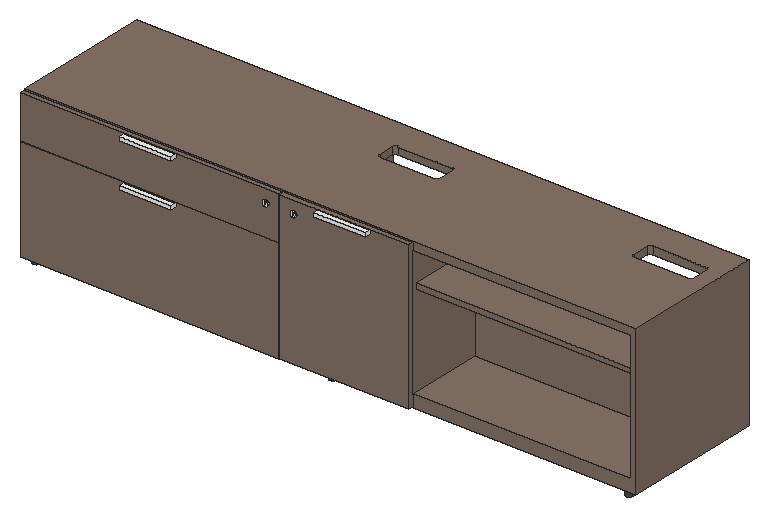
Revit family "Storage-Multi_Level_Workstations-Teknion-BSMCHP_Mid_Height_Credenza_Open_Combo-R2018", category Furniture, Revit 2018
Family settings
  OmniClass Number = 23.40.20.00
  OmniClass Title = General Furniture and Specialties
  Work Plane-Based = No
  Always vertical = Yes
  Cut with Voids When Loaded = No
  Shared = Yes
  Room Calculation Point = No
Parameters (values of type "20" Depth, 46" Height-Adjustable Worksurface Depth")
  Worksurface Configuration options [instance] = "Select one of the options below"  # constant formula
  Width [instance] = 84.000"
  Warranty = "http://www.teknion.com/ca/papers/legal-canada"
  Unit Weight URL = "http://www.teknion.com/ca/tools/assets#&asset=bee6a381-b954-425e-8283-5a2de3a804f2,f828d448-4b62-4231-9e5f-9a8991c0ed77"
  URL = "www.teknion.com"
  Top hole to Edge = 1.955"
  Top hole to Top hole = 34.827"
  To render please download texture images found here [instance] = "https://assets.teknion.com/web/5e81352c1dfdb467/revit-material-swatches/"
  Sustainability Data = "https://www.teknion.com/ca/tools/assets#&topic=216f99a5-57a0-44fc-b10a-9dee9b29ae4c&asset=444deb64-fe58-4b68-981e-f75e97781df7,b4ff2d81-9f2e-437d-9659-7cffb09c31cf"
  Storage Door [instance] = yes
  Series = "Expansion Casegoods"  # constant formula
  Right Worksurface Configuration [instance] = not(Left Worksurface Configuration)  # yes
  Right Shelf Cutout [instance] = if(Right Worksurface Configuration, 1.618", 25.000")  # 1.618"
  Right Hole Cutout [instance] = if(Right Worksurface Configuration, 3.000", 1.000")  # 3.000"
  Right Connection Node [instance] = and(Connection node Visibility, Right Worksurface Configuration)  # yes
  Recyling/Waste Bins Door [instance] = not(Storage Door)  # no
  Pull Finish [instance] = Paint - Teknion - Mica - Very White
  Product Page URL = "https://www.teknion.com/ca/products/product-details?productlineid=0053336e-8e7a-673b-a6c8-ff00004460c4"
  Product Line = "Expansion Casegoods"  # constant formula
  Product Documentation Link = "https://www.teknion.com/pricing/expansion-casegoods/pdfs/BSMCHP_ppg.pdf"
  Part Number = "BSMCHP"  # constant formula
  Model = "BSMCHP20_2146_"
  Mid Point for Connection node [instance] = Top hole to Edge + ((Top hole to Top hole + 8.268") / 2)  # 23.5025"
  Manufacturer Phone = "416-661-3370"  # constant formula
  Manufacturer Fax = "416.661.4586"  # constant formula
  Manufacturer Contact Information = "http://www.teknion.com/ca/contactus"
  Manufacturer Address = "1150 Flint Road, Toronto, ON. M3J 2J5. Canada"  # constant formula
  Manufacturer = "Teknion"  # constant formula
  Left Worksurface Configuration [instance] = no
  Left Shelf Cutout [instance] = if(Left Worksurface Configuration, 1.618", 25.000")  # 25.000"
  Left Hole Cutout [instance] = if(Left Worksurface Configuration, 3.000", 1.000")  # 1.000"
  Left Door Offset [instance] = if(Right Worksurface Configuration, Door Offset, Actual Width - Door Offset - 17.571")  # 35.529"
  Left Connection Node [instance] = and(Connection node Visibility, Left Worksurface Configuration)  # no
  Door Offset [instance] = if(or(and([Height-Adjustable Worksurface Depth] = 22.886", Actual Width = 71.640"), and([Height-Adjustable Worksurface Depth] = 31.343", Actual Width = 71.640"), and([Height-Adjustable Worksurface Depth] = 34.827", Actual Width = 65.670")), 17.689", if(or(and([Height-Adjustable Worksurface Depth] = 22.886", Actual Width = 77.610"), and([Height-Adjustable Worksurface Depth] = 31.343", Actual Width = 77.610"), and([Height-Adjustable Worksurface Depth] = 34.827", Actual Width = 71.640")), 23.589", if(or(and([Height-Adjustable Worksurface Depth] = 22.886", Actual Width = 83.580"), and([Height-Adjustable Worksurface Depth] = 31.343", Actual Width = 83.580"), and([Height-Adjustable Worksurface Depth] = 34.827", Actual Width = 77.610")), 29.559", 35.529")))  # 35.529"
  How To Use Teknion Materials User Guide [instance] = "https://assets.teknion.com/m/205dd0a49fa58060/original/How-to-add-a-Material-Library-and-Texture-Images-to-your-Revit-project.pdf"
  Height-Adjustable Worksurface Depth = 34.827"
  For Additional Finishes please visit [instance] = "https://assets.teknion.com/m/44a8009b046e5d47/original/Teknion_Materials_Library.zip"
  Drawer Front Finish [instance] = Source Laminate - Teknion - XQ - Walnut Cathedralgrain
  Door Configuration options [instance] = "Select one of the options below"  # constant formula
  Description = "Mid-Height Credenza for Height-Adjustable Peninsula - Open Combo, 20\" Depth, 21\" Height, 46\" Height-Adjustable Worksurface Depth"
  Depth = 20.000"
  Connection node Visibility [instance] = yes
  Center Right Shelf Cutout [instance] = if(and(Right Worksurface Configuration, not([Height-Adjustable Worksurface Depth] = 22.886")), 1.618", 25.000")  # 1.618"
  Center Right 2d [instance] = and(Right Worksurface Configuration, not([Height-Adjustable Worksurface Depth] = 22.886"))  # yes
  Center Left Shelf Cutout [instance] = if(and(Left Worksurface Configuration, not([Height-Adjustable Worksurface Depth] = 22.886")), 1.618", 25.000")  # 25.000"
  Center Left 2d [instance] = and(Left Worksurface Configuration, not([Height-Adjustable Worksurface Depth] = 22.886"))  # no
  Case Finish [instance] = Source Laminate - Teknion - XQ - Walnut Cathedralgrain
  Available Widths [instance] = if([Height-Adjustable Worksurface Depth] = 34.827", "66, 72, 78, and 84 Inches", "72, 78, and 84 Inches")  # "66, 72, 78, and 84 Inches"
  Assembly Code = "E2020200"
  Actual Width [instance] = if(or(Width < 66.000", Width = 66.000"), 65.670", if(Width = 72.000", 71.640", if(Width = 78.000", 77.610", 83.580")))  # 83.580"
Types (7): name | Top hole to Edge | Top hole to Top hole | Right Worksurface Configuration | Right Shelf Cutout | Right Hole Cutout | Right Connection Node | Model | Mid Point for Connection node | Left Worksurface Configuration | Left Shelf Cutout | Left Hole Cutout | Left Door Offset | Left Connection Node | Door Offset | Height-Adjustable Worksurface Depth | Description | Depth | Center Right Shelf Cutout | Center Right 2d | Center Left Shelf Cutout | Center Left 2d | Available Widths
  (no name) | 1.955" | 34.827" | yes | 1.618" | 3.000" | yes | "BSMCHP20_2146_" | 23.5025" | no | 25.000" | 1.000" | 35.529" | no | 35.529" | 34.827" | "Mid-Height Credenza for Height-Adjustable Peninsula - Open Combo, 20\" Depth, 21\" Height, 46\" Height-Adjustable Worksurface Depth" | 20.000" | 1.618" | yes | 25.000" | no | "66, 72, 78, and 84 Inches"
  20" Depth, 35" Height-Adjustable Worksurface Depth | 2.333" | 22.886" | yes | 1.618" | 3.000" | yes | "BSMCHP20_2135_" | 17.910" | no | 25.000" | 1.000" | 29.559" | no | 29.559" | 22.886" | "Mid-Height Credenza for Height-Adjustable Peninsula - Open Combo, 20\" Depth, 21\" Height, 35\" Height-Adjustable Worksurface Depth" | 20.000" | 25.000" | no | 25.000" | no | "72, 78, and 84 Inches"
  20" Depth, 46" Height-Adjustable Worksurface Depth | 1.955" | 34.827" | yes | 1.618" | 3.000" | yes | "BSMCHP20_2146_" | 23.5025" | no | 25.000" | 1.000" | 35.529" | no | 35.529" | 34.827" | "Mid-Height Credenza for Height-Adjustable Peninsula - Open Combo, 20\" Depth, 21\" Height, 46\" Height-Adjustable Worksurface Depth" | 20.000" | 1.618" | yes | 25.000" | no | "66, 72, 78, and 84 Inches"
  20" Depth, 52" Height-Adjustable Worksurface Depth | 7.059" | 31.343" | no | 25.000" | 1.000" | no | "BSMCHP20_2152_" | 26.8645" | yes | 1.618" | 3.000" | 36.450" | yes | 29.559" | 31.343" | "Mid-Height Credenza for Height-Adjustable Peninsula - Open Combo, 20\" Depth, 21\" Height, 52\" Height-Adjustable Worksurface Depth" | 20.000" | 25.000" | no | 1.618" | yes | "72, 78, and 84 Inches"
  24" Depth, 35" Height-Adjustable Worksurface Depth | 2.333" | 22.886" | yes | 1.618" | 3.000" | yes | "BSMCHP24_2135_" | 17.910" | no | 25.000" | 1.000" | 29.559" | no | 29.559" | 22.886" | "Mid-Height Credenza for Height-Adjustable Peninsula - Open Combo, 24\" Depth, 21\" Height, 35\" Height-Adjustable Worksurface Depth" | 24.000" | 25.000" | no | 25.000" | no | "72, 78, and 84 Inches"
  24" Depth, 46" Height-Adjustable Worksurface Depth | 1.955" | 34.827" | yes | 1.618" | 3.000" | yes | "BSMCHP24_2146_" | 23.5025" | no | 25.000" | 1.000" | 35.529" | no | 35.529" | 34.827" | "Mid-Height Credenza for Height-Adjustable Peninsula - Open Combo, 24\" Depth, 21\" Height, 46\" Height-Adjustable Worksurface Depth" | 24.000" | 1.618" | yes | 25.000" | no | "66, 72, 78, and 84 Inches"
  24" Depth, 52" Height-Adjustable Worksurface Depth | 7.059" | 31.343" | yes | 1.618" | 3.000" | yes | "BSMCHP24_2152_" | 26.8645" | no | 25.000" | 1.000" | 29.559" | no | 29.559" | 31.343" | "Mid-Height Credenza for Height-Adjustable Peninsula - Open Combo, 24\" Depth, 21\" Height, 52\" Height-Adjustable Worksurface Depth" | 24.000" | 1.618" | yes | 25.000" | no | "72, 78, and 84 Inches"
Reference planes (in)
  plane 1 "Center Front/Back": y = 0
  plane 2: z = 0
  plane 3 "Center Left/Right": x = 0
  plane 4 "Left": x = -41.79
  plane 5 "Right": x = 41.79
  plane 6 "Back": y = 10
  plane 7 "Front": y = -10
  plane 8 "Top": z = 63
  plane 9: x = -6.261
  plane 10: x = 11.30987
  plane 11: x = 11.42831
  plane 12: x = -6.37945
  plane 13: x = 2.52443
  plane 14: x = -24.08472
  plane 15: x = 26.60916
  plane 16: x = 18.2875
  plane 17: x = -18.2875
Forms (in)
  Sweep 1, solid, material "Source Laminate - Teknion - XQ - Walnut Cathedralgrain" <- "Case Finish"
    path origin (0, 0, 0) x (1, 0, 0) y (0, 1, 0)
      loop
        line (-41.79, 0) -> (41.79, 0)
    profile origin (0, 0, 0) x (0, 1, 0) y (0, 0, 1)
      loop
        line (10, 21) -> (-9.29921, 21) -> (-9.29921, 0.60236) -> (10, 0.60236) -> (10, 21)
  Sweep 2, void
    path origin (0, 0, 0) x (1, 0, 0) y (0, 1, 0)
      loop
        line (-41.08921, 0) -> (41.08921, 0)
    profile origin (0, 0, 0) x (0, 1, 0) y (0, 0, 1)
      loop
        line (10, 19.98425) -> (8.98465, 19.98425) -> (8.98465, 9) -> (10, 9) -> (10, 19.98425)
  Sweep 3, solid, material "Source Laminate - Teknion - XQ - Walnut Cathedralgrain" <- "Drawer Front Finish"
    path origin (0, 0, 0) x (1, 0, 0) y (0, 1, 0)
      loop
        line (-41.79, 0) -> (41.79, 0)
    profile origin (0, 0, 0) x (0, 1, 0) y (0, 0, 1)
      loop
        line (-9.29921, 20.88189) -> (-10, 20.88189) -> (-10, 0.72047) -> (-9.29921, 0.72047) -> (-9.29921, 20.88189)
  Sweep 4, void
    path origin (0, 0, 0) x (1, 0, 0) y (0, 1, 0)
      loop
        line (0, -11.29921) -> (0, -12.29921)
    profile origin (0, -11.79921, 0) x (1, 0, 0) y (0, 0, 1)
      loop
        line (-6.261, 21) -> (-41.79, 21) -> (-41.79, 0) -> (-6.261, 0) -> (-6.261, 21)
      loop
        line (11.30987, 21) -> (11.30987, 0) -> (11.42831, 0) -> (11.42831, 14.84252) -> (41.79, 14.84252) -> (41.79, 14.96063) -> (11.42831, 14.96063) -> (11.42831, 21) -> (11.30987, 21)
  Sweep 5, void
    path origin (0, 0, 0) x (1, 0, 0) y (0, 1, 0)
      loop
        line (0, -9.29921) -> (0, -12.29921)
    profile origin (0, -10.79921, 0) x (1, 0, 0) y (0, 0, 1)
      loop
        line (11.30987, 21) -> (11.30987, 0) -> (41.79, 0) -> (41.79, 21) -> (11.30987, 21)
      loop
        line (-6.261, 21) -> (-6.37945, 21) -> (-6.37945, 14.96063) -> (-41.79, 14.96063) -> (-41.79, 14.84252) -> (-6.37945, 14.84252) -> (-6.37945, 0) -> (-6.261, 0) -> (-6.261, 21)
  Sweep 6, void
    path origin (0, 0, 0) x (1, 0, 0) y (0, 1, 0)
      loop
        line (11.30987, 0) -> (41.08921, 0)
    profile origin (26.19954, 0, 0) x (0, 1, 0) y (0, 0, 1)
      loop
        line (8.98465, 19.98414) -> (1.97638, 19.98414) -> (1.97638, 1.618) -> (8.98465, 1.618) -> (8.98465, 19.98414)
      loop
        line (1.27559, 19.98414) -> (-9.29921, 19.98414) -> (-9.29921, 2.31879) -> (1.27559, 2.31879) -> (1.27559, 14.96052) -> (-8.82677, 14.96052) -> (-8.82677, 15.66131) -> (1.27559, 15.66131) -> (1.27559, 19.98414)
  Sweep 7, void
    path origin (0, 0, 0) x (1, 0, 0) y (0, 1, 0)
      loop
        line (-41.08921, 0) -> (-6.261, 0)
    profile origin (-23.67511, 0, 0) x (0, 1, 0) y (0, 0, 1)
      loop
        line (8.98465, 43.36614) -> (1.97638, 43.36614) -> (1.97638, 25) -> (8.98465, 25) -> (8.98465, 43.36614)
      loop
        line (1.27559, 43.36614) -> (-9.29921, 43.36614) -> (-9.29921, 25.70079) -> (1.27559, 25.70079) -> (1.27559, 38.34252) -> (-8.82677, 38.34252) -> (-8.82677, 39.04331) -> (1.27559, 39.04331) -> (1.27559, 43.36614)
  Sweep 8, void
    path origin (0, 0, 0) x (1, 0, 0) y (0, 1, 0)
      loop
        line (-5.97, 0) -> (10.60874, 0)
    profile origin (2.31937, 0, 0) x (0, 1, 0) y (0, 0, 1)
      loop
        line (8.98465, 1.618) -> (8.98465, 19.98414) -> (1.97638, 19.98414) -> (1.97638, 1.618) -> (8.98465, 1.618)
  Sweep 9, void
    path origin (0, 0, 0) x (1, 0, 0) y (0, 1, 0)
      loop
        line (-5.56, 0) -> (11.01874, 0)
    profile origin (2.72937, 0, 0) x (0, 1, 0) y (0, 0, 1)
      loop
        line (8.98465, 25) -> (8.98465, 43.36614) -> (1.97638, 43.36614) -> (1.97638, 25) -> (8.98465, 25)
  Sweep 10, void
    path origin (0, 0, 0) x (1, 0, 0) y (0, 0, 1)
      loop
        line (0, 19.98425) -> (0, 22.98425)
    profile origin (0, 0, 21.48425) x (-1, 0, 0) y (0, -1, 0)
      loop
        arc (-32.01413, -5.88583) -> (-31.69816, -5.75495) -> (-31.56728, -5.43898) r 0.44685
        line (-31.56728, -5.43898) -> (-31.56728, -3.22244)
        arc (-31.56728, -3.22244) -> (-31.69816, -2.90647) -> (-32.01413, -2.77559) r 0.44685
        line (-32.01413, -2.77559) -> (-39.38815, -2.77559)
        arc (-39.38815, -2.77559) -> (-39.70412, -2.90647) -> (-39.835, -3.22244) r 0.44685
        line (-39.835, -3.22244) -> (-39.835, -5.43898)
        arc (-39.835, -5.43898) -> (-39.70412, -5.75495) -> (-39.38815, -5.88583) r 0.44685
        line (-39.38815, -5.88583) -> (-32.01413, -5.88583)
      loop
        arc (2.81287, -5.88583) -> (3.12884, -5.75495) -> (3.25972, -5.43898) r 0.44685
        line (3.25972, -5.43898) -> (3.25972, -3.22244)
        arc (3.25972, -3.22244) -> (3.12884, -2.90647) -> (2.81287, -2.77559) r 0.44685
        line (2.81287, -2.77559) -> (-4.56115, -2.77559)
        arc (-4.56115, -2.77559) -> (-4.87712, -2.90647) -> (-5.008, -3.22244) r 0.44685
        line (-5.008, -3.22244) -> (-5.008, -5.43898)
        arc (-5.008, -5.43898) -> (-4.87712, -5.75495) -> (-4.56115, -5.88583) r 0.44685
        line (-4.56115, -5.88583) -> (2.81287, -5.88583)
  Sweep 11, void
    path origin (0, 0, 0) x (1, 0, 0) y (0, 0, 1)
      loop
        line (0, 21.98425) -> (0, 22.98425)
    profile origin (0, 0, 22.48425) x (-1, 0, 0) y (0, -1, 0)
      loop
        arc (39.835, -3.22244) -> (39.70412, -2.90647) -> (39.38815, -2.77559) r 0.44685
        line (39.38815, -2.77559) -> (32.01413, -2.77559)
        arc (32.01413, -2.77559) -> (31.69816, -2.90647) -> (31.56728, -3.22244) r 0.44685
        line (31.56728, -3.22244) -> (31.56728, -5.43898)
        arc (31.56728, -5.43898) -> (31.69816, -5.75495) -> (32.01413, -5.88583) r 0.44685
        line (32.01413, -5.88583) -> (39.38815, -5.88583)
        arc (39.38815, -5.88583) -> (39.70412, -5.75495) -> (39.835, -5.43898) r 0.44685
        line (39.835, -5.43898) -> (39.835, -3.22244)
      loop
        arc (5.008, -3.22244) -> (4.87712, -2.90647) -> (4.56115, -2.77559) r 0.44685
        line (4.56115, -2.77559) -> (-2.81287, -2.77559)
        arc (-2.81287, -2.77559) -> (-3.12884, -2.90647) -> (-3.25972, -3.22244) r 0.44685
        line (-3.25972, -3.22244) -> (-3.25972, -5.43898)
        arc (-3.25972, -5.43898) -> (-3.12884, -5.75495) -> (-2.81287, -5.88583) r 0.44685
        line (-2.81287, -5.88583) -> (4.56115, -5.88583)
        arc (4.56115, -5.88583) -> (4.87712, -5.75495) -> (5.008, -5.43898) r 0.44685
        line (5.008, -5.43898) -> (5.008, -3.22244)
  Sweep 12, solid, material "Paint - Teknion - Mica - Very White" <- "Pull Finish"
    path origin (0, 0, 0) x (1, 0, 0) y (0, 1, 0)
      loop
        line (-0.97557, 0) -> (6.02443, 0)
    profile origin (2.52443, 0, 0) x (0, 1, 0) y (0, 0, 1)
      loop
        line (-10.75197, 20.82283) -> (-10.75197, 20.32283) -> (-10, 20.32283) -> (-10, 20.82283) -> (-10.75197, 20.82283)
  Sweep 13, solid, material "Paint - Teknion - Mica - Very White" <- "Pull Finish", visible <- "Right Worksurface Configuration"
    path origin (0, 0, 0) x (1, 0, 0) y (0, 1, 0)
      loop
        line (-27.58439, 0) -> (-20.58439, 0)
    profile origin (-24.08439, 0, 0) x (0, 1, 0) y (0, 0, 1)
      loop
        line (-10, 20.82283) -> (-10.75197, 20.82283) -> (-10.75197, 20.32283) -> (-10, 20.32283) -> (-10, 20.82283)
      loop
        line (-10, 14.78346) -> (-10.75197, 14.78346) -> (-10.75197, 14.28346) -> (-10, 14.28346) -> (-10, 14.78346)
  Sweep 14, solid, material "Paint - Teknion - Mica - Very White" <- "Pull Finish", visible <- "Left Worksurface Configuration"
    path origin (0, 0, 0) x (1, 0, 0) y (0, 1, 0)
      loop
        line (23.10916, 0) -> (30.10916, 0)
    profile origin (26.60916, 0, 0) x (0, 1, 0) y (0, 0, 1)
      loop
        line (-10.75197, 14.78346) -> (-10.75197, 14.28346) -> (-10, 14.28346) -> (-10, 14.78346) -> (-10.75197, 14.78346)
      loop
        line (-10.75197, 20.82283) -> (-10.75197, 20.32283) -> (-10, 20.32283) -> (-10, 20.82283) -> (-10.75197, 20.82283)
  Sweep 15, solid, material "Metal - Teknion - C6 - Chrome", visible <- "Right Worksurface Configuration"
    path origin (0, 0, 0) x (1, 0, 0) y (0, 1, 0)
      loop
        line (0, -10.05906) -> (0, -10)
    profile origin (0, -10.02953, 0) x (-1, 0, 0) y (0, 0, 1)
      loop
        line (8.27906, 19.33661) -> (8.18063, 19.33661) -> (8.18063, 18.9626) -> (8.27906, 18.9626) -> (8.27906, 19.33661)
      loop
        circle (8.22984, 19.14961) r 0.4
  Sweep 16, solid, material "Metal - Teknion - C6 - Chrome", visible <- "Left Worksurface Configuration"
    path origin (0, 0, 0) x (1, 0, 0) y (0, 1, 0)
      loop
        line (0, -10.05906) -> (0, -10)
    profile origin (0, -10.02953, 0) x (-1, 0, 0) y (0, 0, 1)
      loop
        circle (-39.93961, 19.14961) r 0.4
      loop
        line (-39.98882, 19.33661) -> (-39.98882, 18.9626) -> (-39.89039, 18.9626) -> (-39.89039, 19.33661) -> (-39.98882, 19.33661)
  Sweep 17, solid, material "Metal - Teknion - C6 - Chrome", visible <- "Storage Door"
    path origin (0, 0, 0) x (1, 0, 0) y (0, 1, 0)
      loop
        line (0, -10.05906) -> (0, -10)
    profile origin (0, -10.02953, 0) x (-1, 0, 0) y (0, 0, 1)
      loop
        circle (4.41061, 19.14961) r 0.4
      loop
        line (4.45982, 19.33661) -> (4.36139, 19.33661) -> (4.36139, 18.9626) -> (4.45982, 18.9626) -> (4.45982, 19.33661)
  Sweep 18, solid, material "Plastic - Teknion - E - Ebony"
    path origin (0, 0, 0) x (1, 0, 0) y (0, 0, 1)
      loop
        line (0, 0) -> (0, 0.60236)
    profile origin (0, 0, 0.30118) x (-1, 0, 0) y (0, -1, 0)
      loop
        circle (40.53224, -8.74525) r 0.5
      loop
        circle (40.53224, 8.75475) r 0.5
      loop
        circle (-40.53224, -8.74525) r 0.5
      loop
        circle (-40.53224, 8.75475) r 0.5
      loop
        circle (0, -8.74525) r 0.5
      loop
        circle (0, 8.75475) r 0.5
Cuts and joins
  Sweep 2, Sweep 6, Sweep 7, Sweep 8, Sweep 9, Sweep 10, Sweep 11 cuts Sweep 1
  Sweep 4, Sweep 5 cuts Sweep 3
Lines and regions (in)
  Masking region 1
    outline origin (0, 0, 0) x (1, 0, 0) y (0, 1, 0)
      loop
        line (-41.79, 10) -> (-41.79, -9.29921) -> (41.79, -9.29921) -> (41.79, 10) -> (-41.79, 10)
  Masking region 2
    outline origin (0, 0, 0) x (1, 0, 0) y (0, 1, 0)
      loop
        line (-6.261, -9.29921) -> (-6.261, -10) -> (11.30987, -10) -> (11.30987, -9.29921) -> (-6.261, -9.29921)
  Masking region 3, visible <- "Right Worksurface Configuration"
    outline origin (0, 0, 0) x (1, 0, 0) y (0, 1, 0)
      loop
        line (-41.79, -10) -> (-6.37945, -10) -> (-6.37945, -9.29921) -> (-41.79, -9.29921) -> (-41.79, -10)
  Masking region 4, visible <- "Left Worksurface Configuration"
    outline origin (0, 0, 0) x (1, 0, 0) y (0, 1, 0)
      loop
        line (11.42831, -9.29921) -> (11.42831, -10) -> (41.79, -10) -> (41.79, -9.29921) -> (11.42831, -9.29921)
  Masking region 5, visible <- "Right Worksurface Configuration"
    outline origin (0, 0, 0) x (1, 0, 0) y (0, 1, 0)
      loop
        line (-27.58439, -10) -> (-27.58439, -10.75197) -> (-20.58439, -10.75197) -> (-20.58439, -10) -> (-27.58439, -10)
  Masking region 6
    outline origin (0, 0, 0) x (1, 0, 0) y (0, 1, 0)
      loop
        line (-0.97557, -10) -> (-0.97557, -10.75197) -> (6.02443, -10.75197) -> (6.02443, -10) -> (-0.97557, -10)
  Masking region 7, visible <- "Left Worksurface Configuration"
    outline origin (0, 0, 0) x (1, 0, 0) y (0, 1, 0)
      loop
        line (23.10916, -10) -> (23.10916, -10.75197) -> (30.10916, -10.75197) -> (30.10916, -10) -> (23.10916, -10)
  symbolic lines, style "FurnitureHiddenLines", detail levels fine
    curve 1: arc (-41.03224, 8.74525, 0) -> (-40.53224, 8.24525, 0) -> (-40.03224, 8.74525, 0) r 0.5
    curve 2: arc (-40.03224, 8.74525, 0) -> (-40.53224, 9.24525, 0) -> (-41.03224, 8.74525, 0) r 0.5
    curve 3: arc (-40.03224, -8.75475, 0) -> (-40.53224, -8.25475, 0) -> (-41.03224, -8.75475, 0) r 0.5
    curve 4: arc (-41.03224, -8.75475, 0) -> (-40.53224, -9.25475, 0) -> (-40.03224, -8.75475, 0) r 0.5
    curve 5: arc (40.03224, 8.74525, 0) -> (40.53224, 8.24525, 0) -> (41.03224, 8.74525, 0) r 0.5
    curve 6: arc (41.03224, 8.74525, 0) -> (40.53224, 9.24525, 0) -> (40.03224, 8.74525, 0) r 0.5
    curve 7: arc (41.03224, -8.75475, 0) -> (40.53224, -8.25475, 0) -> (40.03224, -8.75475, 0) r 0.5
    curve 8: arc (40.03224, -8.75475, 0) -> (40.53224, -9.25475, 0) -> (41.03224, -8.75475, 0) r 0.5
    curve 9: arc (-0.5, -8.75475, 0) -> (0, -9.25475, 0) -> (0.5, -8.75475, 0) r 0.5
    curve 10: arc (0.5, -8.75475, 0) -> (0, -8.25475, 0) -> (-0.5, -8.75475, 0) r 0.5
    curve 11: arc (-0.5, 8.74525, 0) -> (0, 8.24525, 0) -> (0.5, 8.74525, 0) r 0.5
    curve 12: arc (0.5, 8.74525, 0) -> (0, 9.24525, 0) -> (-0.5, 8.74525, 0) r 0.5
  symbolic lines, visible <- "Right Worksurface Configuration"
    curve 13: line (32.01413, 5.88583, 0) -> (39.38815, 5.88583, 0)
    curve 14: arc (39.38815, 5.88583, 0) -> (39.70412, 5.75495, 0) -> (39.835, 5.43898, 0) r 0.44685
    curve 15: line (39.835, 5.43898, 0) -> (39.835, 3.22244, 0)
    curve 16: arc (39.835, 3.22244, 0) -> (39.70412, 2.90647, 0) -> (39.38815, 2.77559, 0) r 0.44685
    curve 17: line (39.38815, 2.77559, 0) -> (32.01413, 2.77559, 0)
    curve 18: arc (32.01413, 2.77559, 0) -> (31.69816, 2.90647, 0) -> (31.56728, 3.22244, 0) r 0.44685
    curve 19: line (31.56728, 3.22244, 0) -> (31.56728, 5.43898, 0)
    curve 20: arc (31.56728, 5.43898, 0) -> (31.69816, 5.75495, 0) -> (32.01413, 5.88583, 0) r 0.44685
    curve 21: line (-2.81287, 5.88583, 0) -> (4.56115, 5.88583, 0)
    curve 22: arc (4.56115, 5.88583, 0) -> (4.87712, 5.75495, 0) -> (5.008, 5.43898, 0) r 0.44685
    curve 23: line (5.008, 5.43898, 0) -> (5.008, 3.22244, 0)
    curve 24: arc (5.008, 3.22244, 0) -> (4.87712, 2.90647, 0) -> (4.56115, 2.77559, 0) r 0.44685
    curve 25: line (4.56115, 2.77559, 0) -> (-2.81287, 2.77559, 0)
    curve 26: arc (-2.81287, 2.77559, 0) -> (-3.12884, 2.90647, 0) -> (-3.25972, 3.22244, 0) r 0.44685
    curve 27: line (-3.25972, 3.22244, 0) -> (-3.25972, 5.43898, 0)
    curve 28: arc (-3.25972, 5.43898, 0) -> (-3.12884, 5.75495, 0) -> (-2.81287, 5.88583, 0) r 0.44685
  symbolic lines, visible <- "Left Worksurface Configuration"
    curve 29: line (-32.01413, 5.88583, 0) -> (-39.38815, 5.88583, 0)
    curve 30: arc (-39.38815, 5.88583, 0) -> (-39.70412, 5.75495, 0) -> (-39.835, 5.43898, 0) r 0.44685
    curve 31: line (-39.835, 5.43898, 0) -> (-39.835, 3.22244, 0)
    curve 32: arc (-39.835, 3.22244, 0) -> (-39.70412, 2.90647, 0) -> (-39.38815, 2.77559, 0) r 0.44685
    curve 33: line (-39.38815, 2.77559, 0) -> (-32.01413, 2.77559, 0)
    curve 34: arc (-32.01413, 2.77559, 0) -> (-31.69816, 2.90647, 0) -> (-31.56728, 3.22244, 0) r 0.44685
    curve 35: line (-31.56728, 3.22244, 0) -> (-31.56728, 5.43898, 0)
    curve 36: arc (-31.56728, 5.43898, 0) -> (-31.69816, 5.75495, 0) -> (-32.01413, 5.88583, 0) r 0.44685
    curve 37: line (-5.008, 5.43898, 0) -> (-5.008, 3.22244, 0)
    curve 38: arc (-5.008, 3.22244, 0) -> (-4.87712, 2.90647, 0) -> (-4.56115, 2.77559, 0) r 0.44685
    curve 39: line (-4.56115, 2.77559, 0) -> (2.81287, 2.77559, 0)
    curve 40: arc (2.81287, 2.77559, 0) -> (3.12884, 2.90647, 0) -> (3.25972, 3.22244, 0) r 0.44685
    curve 41: line (3.25972, 3.22244, 0) -> (3.25972, 5.43898, 0)
    curve 42: arc (3.25972, 5.43898, 0) -> (3.12884, 5.75495, 0) -> (2.81287, 5.88583, 0) r 0.44685
    curve 43: line (2.81287, 5.88583, 0) -> (-4.56115, 5.88583, 0)
    curve 44: arc (-4.56115, 5.88583, 0) -> (-4.87712, 5.75495, 0) -> (-5.008, 5.43898, 0) r 0.44685
  symbolic lines, style "FurnitureHiddenLines", detail levels medium+fine
    curve 45: line (11.30987, 8.98465, 0) -> (41.08921, 8.98465, 0)
    curve 46: line (41.08921, 8.98465, 0) -> (41.08921, 10, 0)
    curve 47: line (41.08921, 10, 0) -> (-41.08921, 10, 0)
    curve 48: line (-41.08921, 10, 0) -> (-41.08921, 8.98465, 0)
    curve 49: line (-41.08921, 8.98465, 0) -> (11.30987, 8.98465, 0)
  symbolic lines, style "FurnitureHiddenLines", visible <- "Right Worksurface Configuration", detail levels medium+fine
    curve 50: line (11.30987, -9.29921, 0) -> (11.30987, 1.27559, 0)
    curve 51: line (41.08921, 1.27559, 0) -> (11.30987, 1.27559, 0)
    curve 52: line (41.08921, 1.27559, 0) -> (41.08921, -9.29921, 0)
    curve 53: line (41.08921, -8.82677, 0) -> (11.30987, -8.82677, 0)
    curve 58: line (11.30987, 1.97638, 0) -> (41.08921, 1.97638, 0)
    curve 59: line (41.08921, 8.98465, 0) -> (41.08921, 1.97638, 0)
    curve 60: line (11.30987, 1.97638, 0) -> (11.30987, 8.98465, 0)
  symbolic lines, style "FurnitureHiddenLines", visible <- "Left Worksurface Configuration", detail levels medium+fine
    curve 54: line (-41.08921, -9.29921, 0) -> (-41.08921, 1.27559, 0)
    curve 55: line (-6.261, 1.27559, 0) -> (-41.08921, 1.27559, 0)
    curve 56: line (-6.261, 1.27559, 0) -> (-6.261, -9.29921, 0)
    curve 57: line (-6.261, -8.82677, 0) -> (-41.08921, -8.82677, 0)
    curve 61: line (-41.08921, 1.97638, 0) -> (-41.08921, 8.98465, 0)
    curve 62: line (-41.08921, 1.97638, 0) -> (-6.261, 1.97638, 0)
    curve 63: line (-6.261, 8.98465, 0) -> (-6.261, 1.97638, 0)
  symbolic lines, style "FurnitureHiddenLines", visible <- "Center Right 2d", detail levels medium+fine
    curve 64: line (-5.97, 1.97638, 0) -> (-5.97, 8.98465, 0)
    curve 65: line (-5.97, 1.97638, 0) -> (10.60874, 1.97638, 0)
    curve 66: line (10.60874, 1.97638, 0) -> (10.60874, 8.98465, 0)
  symbolic lines, style "FurnitureHiddenLines", visible <- "Center Left 2d", detail levels medium+fine
    curve 67: line (-5.56, 1.97638, 0) -> (-5.56, 8.98465, 0)
    curve 68: line (11.01874, 1.97638, 0) -> (11.01874, 8.98465, 0)
    curve 69: line (-5.56, 1.97638, 0) -> (11.01874, 1.97638, 0)
Dimensions and locks (in)
  "Actual Width": plane 4 "Left" to plane 5 "Right"
  "Depth": plane 6 "Back" to plane 7 "Front"
  plane 8 "Top" to level = 63.000"
  equal spacing: plane 4 "Left", plane 3 "Center Left/Right", plane 5 "Right"
  equal spacing: plane 6 "Back", plane 1 "Center Front/Back", plane 7 "Front"
  locked: Sweep 1 sketch curve to plane 7 "Front" at 0.70079
  Sweep 1 sketch curve to Sweep 1 sketch curve to level = 20.39764" locked, 0.60236" locked
  locked: plane 4 "Left" to Sweep 2 sketch curve at 0.70079
  locked: Sweep 2 sketch curve to plane 5 "Right" at 0.70079
  Sweep 2 sketch curve to Sweep 2 sketch curve to level = 10.98425" locked, 9.000" locked
  locked: plane 6 "Back" to Sweep 2 sketch curve at 1.01535
  locked: plane 9 to plane 10 at 17.57087
  "Left Door Offset": plane 4 "Left" to plane 9
  locked: Sweep 4 sketch curve to plane 7 "Front" at 2.29921
  "Left Hole Cutout": Sweep 4 sketch curve to Sweep 4 sketch curve
  locked: Sweep 4 sketch curve to level at 21
  Sweep 4 sketch curve to Sweep 4 sketch curve to Sweep 4 sketch curve to level = 6.03937" locked, 0.11811" locked, 14.84252" locked
  plane 10 to Sweep 4 sketch curve to Sweep 4 sketch curve = 0.11845" locked, 0.000" locked
  locked: Sweep 5 sketch curve to plane 7 "Front" at 2.29921
  "Right Hole Cutout": Sweep 5 sketch curve to Sweep 5 sketch curve
  locked: Sweep 5 sketch curve to level at 21
  Sweep 5 sketch curve to Sweep 5 sketch curve to Sweep 5 sketch curve to level = 6.03937" locked, 0.11811" locked, 14.84252" locked
  Sweep 5 sketch curve to Sweep 5 sketch curve to plane 9 = 0.000" locked, 0.11845" locked
  locked: Sweep 3 sketch curve to plane 7 "Front" at 0.70079
  Sweep 3 sketch curve to Sweep 3 sketch curve to level = 20.16142" locked, 0.72047" locked
  locked: Sweep 6 sketch curve to plane 5 "Right" at 0.70079
  locked: plane 10 to Sweep 6 sketch curve at 0
  "Right Shelf Cutout": Sweep 6 sketch curve to level
  Sweep 6 sketch curve to Sweep 6 sketch curve to Sweep 6 sketch curve to Sweep 6 sketch curve to Sweep 6 sketch curve to Sweep 6 sketch curve = 0.70079" locked, 12.64173" locked, 0.70079" locked, 4.32283" locked, 0.000" locked
  plane 6 "Back" to Sweep 6 sketch curve to Sweep 6 sketch curve to Sweep 6 sketch curve to Sweep 6 sketch curve = 1.01535" locked, 7.00827" locked, 0.70079" locked, 0.000" locked
  Sweep 6 sketch curve to Sweep 6 sketch curve to plane 7 "Front" = 0.47244" locked, 0.70079" locked
  locked: plane 4 "Left" to Sweep 7 sketch curve at 0.70079
  plane 6 "Back" to Sweep 7 sketch curve to Sweep 7 sketch curve to Sweep 7 sketch curve to Sweep 7 sketch curve = 1.01535" locked, 7.00827" locked, 0.70079" locked, 0.000" locked
  Sweep 7 sketch curve to Sweep 7 sketch curve to Sweep 7 sketch curve to Sweep 7 sketch curve to Sweep 7 sketch curve to Sweep 7 sketch curve = 0.000" locked, 4.32283" locked, 0.70079" locked, 12.64173" locked, 0.70079" locked
  Sweep 7 sketch curve to Sweep 7 sketch curve to plane 7 "Front" = 0.47244" locked, 0.70079" locked
  "Left Shelf Cutout": Sweep 7 sketch curve to level
  Sweep 8 sketch curve to Sweep 8 sketch curve to plane 10 = 16.57874" locked, 0.70113" locked
  "Center Right Shelf Cutout": Sweep 8 sketch curve to level
  locked: Sweep 8 sketch curve to Sweep 8 sketch curve at 18.36614
  plane 6 "Back" to Sweep 8 sketch curve to Sweep 8 sketch curve = 1.01535" locked, 7.00827" locked
  plane 9 to Sweep 9 sketch curve to Sweep 9 sketch curve = 0.701" locked, 16.57874" locked
  plane 6 "Back" to Sweep 9 sketch curve to Sweep 9 sketch curve = 1.01535" locked, 7.00827" locked
  "Center Left Shelf Cutout": Sweep 9 sketch curve to level
  locked: Sweep 9 sketch curve to Sweep 9 sketch curve at 18.36614
  locked: Sweep 10 sketch curve to level at 22.98425
  "Right Hole Cutout": Sweep 10 sketch curve to Sweep 10 sketch curve
  plane 6 "Back" to Sweep 10 sketch curve to Sweep 10 sketch curve = 4.11417" locked, 3.11024" locked  (x2)
  locked: Sweep 10 sketch curve to Sweep 10 sketch curve at 8.26772  (x2)
  "Top hole to Edge": Sweep 10 sketch curve to plane 5 "Right"
  "Top hole to Top hole": Sweep 10 sketch curve to Sweep 10 sketch curve
  locked: Sweep 11 sketch curve to level at 22.98425
  "Left Hole Cutout": Sweep 11 sketch curve to Sweep 11 sketch curve
  locked: Sweep 11 sketch curve to Sweep 11 sketch curve at 8.26772  (x2)
  plane 6 "Back" to Sweep 11 sketch curve to Sweep 11 sketch curve to Sweep 11 sketch curve to Sweep 11 sketch curve = 4.11417" locked, 0.000" locked, 3.11024" locked, 0.000" locked
  "Top hole to Edge": plane 4 "Left" to Sweep 11 sketch curve
  "Top hole to Top hole": Sweep 11 sketch curve to Sweep 11 sketch curve
  locked: plane 10 to plane 11 at 0.11845
  locked: plane 12 to plane 9 at 0.11845
  equal spacing: plane 11, plane 15, plane 5 "Right"
  equal spacing: plane 4 "Left", plane 14, plane 12
  equal spacing: plane 9, plane 13, plane 10
  Sweep 12 sketch curve to plane 13 to Sweep 12 sketch curve = 3.500" locked, 3.500" locked
  locked: plane 7 "Front" to Sweep 12 sketch curve at 0.75197
  Sweep 12 sketch curve to Sweep 12 sketch curve to level = 0.500" locked, 20.32283" locked
  Sweep 13 sketch curve to plane 14 to Sweep 13 sketch curve = 3.49966" locked, 3.50034" locked
  plane 7 "Front" to Sweep 13 sketch curve to Sweep 13 sketch curve = 0.75197" locked, 0.000" locked
  Sweep 13 sketch curve to Sweep 13 sketch curve to Sweep 13 sketch curve to Sweep 13 sketch curve to level = 0.500" locked, 5.53937" locked, 0.500" locked, 14.28346" locked
  Sweep 14 sketch curve to plane 15 to Sweep 14 sketch curve = 3.500" locked, 3.500" locked
  Sweep 13 to Sweep 13 to Sweep 13 to Sweep 13 to level = 0.500" locked, 5.53937" locked, 0.500" locked, 14.28346" locked
  plane 7 "Front" to Sweep 14 sketch curve to Sweep 14 sketch curve = 0.75197" locked, 0.000" locked
  Sweep 15 sketch curve to plane 7 "Front" to Sweep 15 sketch curve = 0.05906" locked, 0.000" locked
  plane 12 to Sweep 15 sketch curve to Sweep 15 sketch curve to Sweep 15 sketch curve = 1.80118" locked, 0.04921" locked, 0.04921" locked
  Sweep 15 sketch curve to Sweep 15 sketch curve to Sweep 15 sketch curve to level = 0.18701" locked, 0.18701" locked, 18.9626" locked
  Sweep 16 sketch curve to plane 7 "Front" to Sweep 16 sketch curve = 0.05906" locked, 0.000" locked
  Sweep 16 sketch curve to Sweep 16 sketch curve to Sweep 16 sketch curve to plane 5 "Right" = 0.04921" locked, 0.04921" locked, 1.80118" locked
  Sweep 16 sketch curve to Sweep 16 sketch curve to Sweep 16 sketch curve to level = 0.18701" locked, 0.18701" locked, 18.9626" locked
  Sweep 17 sketch curve to Sweep 17 sketch curve to plane 7 "Front" = 0.05906" locked, 0.000" locked
  plane 9 to Sweep 17 sketch curve to Sweep 17 sketch curve to Sweep 17 sketch curve = 1.80118" locked, 0.04921" locked, 0.04921" locked
  Sweep 17 sketch curve to Sweep 17 sketch curve to Sweep 17 sketch curve to level = 0.18701" locked, 0.18701" locked, 18.9626" locked
  locked: Sweep 18 sketch curve to level at 0.60236
  plane 6 "Back" to Sweep 18 sketch curve to Sweep 18 sketch curve to Sweep 18 sketch curve = 1.25475" locked, 0.000" locked, 0.000" locked
  plane 7 "Front" to Sweep 18 sketch curve to Sweep 18 sketch curve to Sweep 18 sketch curve = 1.24525" locked, 0.000" locked, 0.000" locked
  plane 4 "Left" to Sweep 18 sketch curve to Sweep 18 sketch curve = 1.25776" locked, 0.000" locked
  Sweep 18 sketch curve to Sweep 18 sketch curve to plane 5 "Right" = 0.000" locked, 1.25776" locked
  plane 3 "Center Left/Right" to Sweep 18 sketch curve to Sweep 18 sketch curve = 0.000" locked, 0.000" locked
  locked: plane 7 "Front" to Masking region 1 sketch curve at 0.70079
  locked: plane 7 "Front" to Masking region 2 sketch curve at 0.70079
  locked: plane 7 "Front" to Masking region 3 sketch curve at 0.70079
  locked: plane 7 "Front" to Masking region 4 sketch curve at 0.70079
  Masking region 5 sketch curve to plane 14 to Masking region 5 sketch curve = 3.49966" locked, 3.50034" locked
  Masking region 5 sketch curve to plane 7 "Front" to Masking region 5 sketch curve = 0.75197" locked, 0.000" locked
  Masking region 6 sketch curve to plane 13 to Masking region 6 sketch curve = 3.500" locked, 3.500" locked
  locked: Masking region 6 sketch curve to plane 7 "Front" at 0.75197
  Masking region 7 sketch curve to plane 15 to Masking region 7 sketch curve = 3.500" locked, 3.500" locked
  locked: Masking region 7 sketch curve to plane 7 "Front" at 0.75197
  "Mid Point for Connection node": plane 4 "Left" to plane 17
  "Mid Point for Connection node": plane 16 to plane 5 "Right"
  locked: plane 6 "Back" to nested 2 at 3
  locked: plane 6 "Back" to nested 1 at 3
  aligned and locked: level to plane 2
  aligned and locked: plane 4 "Left" to Sweep 1 sketch curve
  aligned and locked: plane 5 "Right" to Sweep 1 sketch curve
  aligned and locked: plane 1 "Center Front/Back" to Sweep 1 sketch curve
  aligned and locked: Sweep 1 sketch curve to plane 6 "Back"
  aligned and locked: plane 1 "Center Front/Back" to Sweep 2 sketch curve
  aligned and locked: Sweep 2 sketch curve to plane 6 "Back"
  aligned and locked: plane 1 "Center Front/Back" to Sweep 3 sketch curve
  aligned and locked: plane 4 "Left" to Sweep 3 sketch curve
  aligned and locked: plane 5 "Right" to Sweep 3 sketch curve
  aligned and locked: Sweep 4 sketch curve to plane 3 "Center Left/Right"
  aligned and locked: Sweep 4 sketch curve to plane 4 "Left"
  aligned and locked: Sweep 4 sketch curve to plane 9
  aligned and locked: Sweep 4 sketch curve to level
  aligned and locked: plane 10 to Sweep 4 sketch curve
  aligned and locked: plane 5 "Right" to Sweep 4 sketch curve
  aligned and locked: level to Sweep 4 sketch curve
  aligned and locked: Sweep 5 sketch curve to plane 3 "Center Left/Right"
  aligned and locked: plane 5 "Right" to Sweep 5 sketch curve
  aligned and locked: Sweep 5 sketch curve to plane 10
  aligned and locked: level to Sweep 5 sketch curve
  aligned and locked: Sweep 5 sketch curve to level
  aligned and locked: Sweep 5 sketch curve to plane 9
  aligned and locked: plane 4 "Left" to Sweep 5 sketch curve
  aligned and locked: Sweep 3 sketch curve to plane 7 "Front"
  aligned and locked: plane 1 "Center Front/Back" to Sweep 6 sketch curve
  aligned and locked: plane 1 "Center Front/Back" to Sweep 7 sketch curve
  aligned and locked: plane 9 to Sweep 7 sketch curve
  aligned and locked: plane 1 "Center Front/Back" to Sweep 8 sketch curve
  aligned and locked: plane 1 "Center Front/Back" to Sweep 9 sketch curve
  aligned and locked: plane 3 "Center Left/Right" to Sweep 10 sketch curve
  aligned and locked: plane 3 "Center Left/Right" to Sweep 11 sketch curve
  aligned and locked: plane 1 "Center Front/Back" to Sweep 12 sketch curve
  aligned and locked: Sweep 12 sketch curve to plane 7 "Front"
  aligned and locked: plane 1 "Center Front/Back" to Sweep 13 sketch curve
  aligned and locked: plane 7 "Front" to Sweep 13 sketch curve  (x2)
  aligned and locked: plane 1 "Center Front/Back" to Sweep 14 sketch curve
  aligned and locked: Sweep 14 sketch curve to plane 7 "Front"  (x2)
  aligned and locked: plane 3 "Center Left/Right" to Sweep 15 sketch curve
  aligned and locked: plane 3 "Center Left/Right" to Sweep 16 sketch curve
  aligned and locked: plane 3 "Center Left/Right" to Sweep 17 sketch curve
  aligned and locked: level to Sweep 18 sketch curve
  aligned and locked: plane 3 "Center Left/Right" to Sweep 18 sketch curve
  aligned and locked: plane 4 "Left" to Masking region 1 sketch curve
  aligned and locked: Masking region 1 sketch curve to plane 6 "Back"
  aligned and locked: plane 5 "Right" to Masking region 1 sketch curve
  aligned and locked: Masking region 2 sketch curve to plane 7 "Front"
  aligned and locked: Masking region 2 sketch curve to plane 9
  aligned and locked: plane 10 to Masking region 2 sketch curve
  aligned and locked: Masking region 3 sketch curve to plane 4 "Left"
  aligned and locked: Masking region 3 sketch curve to plane 7 "Front"
  aligned and locked: plane 12 to Masking region 3 sketch curve
  aligned and locked: plane 5 "Right" to Masking region 4 sketch curve
  aligned and locked: Masking region 4 sketch curve to plane 7 "Front"
  aligned and locked: Masking region 4 sketch curve to plane 11
  aligned and locked: plane 7 "Front" to Masking region 6 sketch curve
  aligned and locked: plane 7 "Front" to Masking region 7 sketch curve
  aligned and locked: curve 1 to Sweep 18
  aligned and locked: curve 2 to Sweep 18
  aligned and locked: curve 3 to Sweep 18
  aligned and locked: curve 4 to Sweep 18
  aligned and locked: curve 5 to Sweep 18
  aligned and locked: curve 6 to Sweep 18
  aligned and locked: curve 7 to Sweep 18
  aligned and locked: curve 8 to Sweep 18
  aligned and locked: curve 9 to Sweep 18
  aligned and locked: curve 10 to Sweep 18
  aligned and locked: curve 11 to Sweep 18
  aligned and locked: curve 12 to Sweep 18
  aligned and locked: curve 14 to cut or joined group of Sweep 1, Sweep 2, Sweep 6, Sweep 7, Sweep 8, Sweep 9, Sweep 10, Sweep 11
  aligned and locked: curve 16 to cut or joined group of Sweep 1, Sweep 2, Sweep 6, Sweep 7, Sweep 8, Sweep 9, Sweep 10, Sweep 11
  aligned and locked: curve 18 to cut or joined group of Sweep 1, Sweep 2, Sweep 6, Sweep 7, Sweep 8, Sweep 9, Sweep 10, Sweep 11
  aligned and locked: curve 20 to cut or joined group of Sweep 1, Sweep 2, Sweep 6, Sweep 7, Sweep 8, Sweep 9, Sweep 10, Sweep 11
  aligned and locked: curve 22 to cut or joined group of Sweep 1, Sweep 2, Sweep 6, Sweep 7, Sweep 8, Sweep 9, Sweep 10, Sweep 11
  aligned and locked: curve 24 to cut or joined group of Sweep 1, Sweep 2, Sweep 6, Sweep 7, Sweep 8, Sweep 9, Sweep 10, Sweep 11
  aligned and locked: curve 26 to cut or joined group of Sweep 1, Sweep 2, Sweep 6, Sweep 7, Sweep 8, Sweep 9, Sweep 10, Sweep 11
  aligned and locked: curve 28 to cut or joined group of Sweep 1, Sweep 2, Sweep 6, Sweep 7, Sweep 8, Sweep 9, Sweep 10, Sweep 11
  aligned and locked: curve 30 to Sweep 11
  aligned and locked: curve 32 to Sweep 11
  aligned and locked: curve 34 to Sweep 11
  aligned and locked: curve 36 to Sweep 11
  aligned and locked: curve 38 to Sweep 11
  aligned and locked: curve 40 to Sweep 11
  aligned and locked: curve 42 to Sweep 11
  aligned and locked: curve 44 to Sweep 11
  aligned and locked: curve 45 to cut or joined group of Sweep 1, Sweep 2, Sweep 6, Sweep 7, Sweep 8, Sweep 9, Sweep 10, Sweep 11
  aligned and locked: cut or joined group of Sweep 1, Sweep 2, Sweep 6, Sweep 7, Sweep 8, Sweep 9, Sweep 10, Sweep 11 to curve 46
  aligned and locked: cut or joined group of Sweep 1, Sweep 2, Sweep 6, Sweep 7, Sweep 8, Sweep 9, Sweep 10, Sweep 11 to curve 47
  aligned and locked: curve 48 to cut or joined group of Sweep 1, Sweep 2, Sweep 6, Sweep 7, Sweep 8, Sweep 9, Sweep 10, Sweep 11
  aligned and locked: curve 49 to cut or joined group of Sweep 1, Sweep 2, Sweep 6, Sweep 7, Sweep 8, Sweep 9, Sweep 10, Sweep 11
  aligned and locked: curve 50 to cut or joined group of Sweep 1, Sweep 2, Sweep 6, Sweep 7, Sweep 8, Sweep 9, Sweep 10, Sweep 11
  aligned and locked: curve 51 to cut or joined group of Sweep 1, Sweep 2, Sweep 6, Sweep 7, Sweep 8, Sweep 9, Sweep 10, Sweep 11
  aligned and locked: curve 52 to cut or joined group of Sweep 1, Sweep 2, Sweep 6, Sweep 7, Sweep 8, Sweep 9, Sweep 10, Sweep 11
  aligned and locked: curve 53 to cut or joined group of Sweep 1, Sweep 2, Sweep 6, Sweep 7, Sweep 8, Sweep 9, Sweep 10, Sweep 11
  aligned and locked: curve 54 to Sweep 7
  aligned and locked: curve 55 to Sweep 7
  aligned and locked: curve 56 to Sweep 7
  aligned and locked: curve 57 to Sweep 7
  aligned and locked: curve 58 to cut or joined group of Sweep 1, Sweep 2, Sweep 6, Sweep 7, Sweep 8, Sweep 9, Sweep 10, Sweep 11
  aligned and locked: cut or joined group of Sweep 1, Sweep 2, Sweep 6, Sweep 7, Sweep 8, Sweep 9, Sweep 10, Sweep 11 to curve 60
  aligned and locked: curve 62 to Sweep 7
  aligned and locked: curve 63 to Sweep 7
  aligned and locked: curve 64 to cut or joined group of Sweep 1, Sweep 2, Sweep 6, Sweep 7, Sweep 8, Sweep 9, Sweep 10, Sweep 11
  aligned and locked: curve 65 to cut or joined group of Sweep 1, Sweep 2, Sweep 6, Sweep 7, Sweep 8, Sweep 9, Sweep 10, Sweep 11
  aligned and locked: curve 66 to cut or joined group of Sweep 1, Sweep 2, Sweep 6, Sweep 7, Sweep 8, Sweep 9, Sweep 10, Sweep 11
  aligned and locked: curve 67 to Sweep 9
  aligned and locked: curve 68 to Sweep 9
  aligned and locked: curve 69 to Sweep 9
  aligned and locked: plane 17 to nested 2
  aligned and locked: plane 16 to nested 1
Automatic sketch dimensions
  Sweep 10 sketch curve to Sweep 10 sketch curve = 0.44685"  (x8)
  Sweep 11 sketch curve to Sweep 11 sketch curve = 0.44685"  (x6)
  Sweep 11 sketch curve to Sweep 11 sketch curve = 2.21654"
  Sweep 11 sketch curve to Sweep 11 sketch curve = 0.000"
  level to Sweep 14 sketch curve = 14.28346"
  Sweep 14 sketch curve to Sweep 14 sketch curve = 0.500"  (x2)
  Sweep 14 sketch curve to Sweep 14 sketch curve = 5.53937"
  Sweep 16 sketch curve to Sweep 16 sketch curve = 0.400"
  Sweep 17 sketch curve to Sweep 17 sketch curve = 0.35079"
  curve 50 to plane 7 "Front" = 0.70079"
  curve 52 to curve 8 = 0.54446"
  curve 54 to curve 3 = 0.54446"
  curve 56 to plane 7 "Front" = 0.70079"
  radius of Sweep 15 sketch curve = 0.400"
  radius of Sweep 18 sketch curve = 0.500"  (x6)
Nested families (in)
  nested 1: "Teknion_2D_Node_Family-R2016" at (18.2875, 7, 0), visible <- "Right Connection Node", type "Teknion_2D_Node_Family-R2016"
  nested 2: "Teknion_2D_Node_Family-R2016" at (-18.2875, 7, 0), visible <- "Left Connection Node", type "Teknion_2D_Node_Family-R2016"
Definition of nested family "Teknion_2D_Node_Family-R2016"
  Reference planes (in)
    plane 1 "Center (Front/Back)": y = 0
    plane 2: z = 0
    plane 3 "Center (Left/Right)": x = 0
  Lines and regions (in)
    detail lines, in view "Ref. Level"
      curve 1: circle (0, 0, 0) r 1.25 normal (0, 0, 1)
      curve 2: line (1.91508, -1.91508, 0) -> (-1.91508, 1.91508, 0)
      curve 3: line (-1.91508, -1.91508, 0) -> (1.91508, 1.91508, 0)
